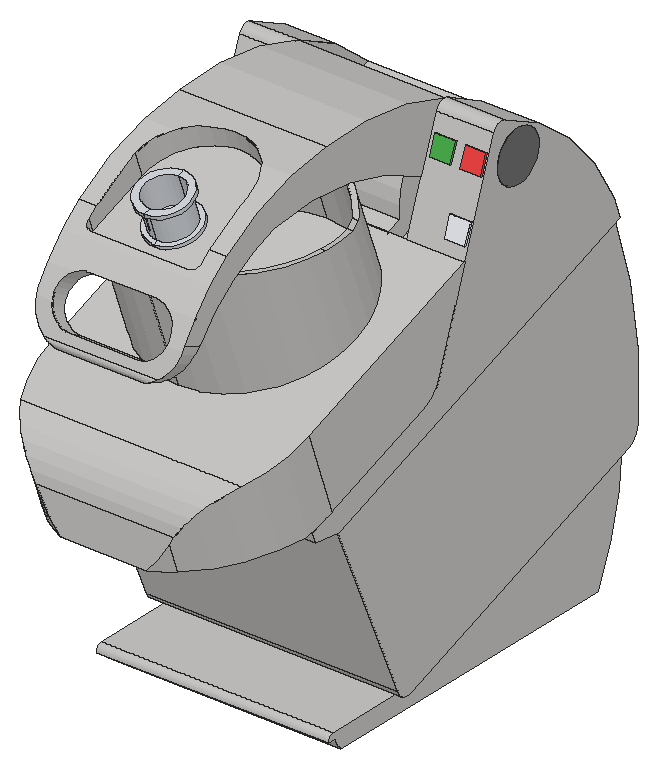
Revit family "QF_DITOSAMA_600417_DTRSY1V50A", category Specialty Equipment, Revit 2018
Family settings
  Round Connector Dimension = Use Diameter
  Part Type = Normal
  Work Plane-Based = No
  Always vertical = Yes
  Cut with Voids When Loaded = No
  Shared = No
  Room Calculation Point = No
Parameters (values of type "Standard")
  Weight = 21.40 kg
  Watts = 0 W
  Volts = 220 V
  URL Manufacturer = "http://www.ditosama.com"
  URL = "http://www.ditosama.com"
  Steam Supply Size = 0 mm
  Steam Supply Minimum Pressure = 0.0 Pa
  Steam Supply Maximum Pressure = 0.0 Pa
  Steam Pounds per Hour = 0
  Refrigeration Suction Line Size = 0 mm
  Refrigeration Liquid Line Size = 0 mm
  Refrigerant Compressor Remote = yes
  Manufacturer = "Dito Sama"
  Phase = 1
  Model = "DTRSY1V50A"
  Length Actual = 252 mm  # constant formula
  Item Number = "600417"
  Hot Water Size = 0 mm
  Height Actual = 515 mm  # constant formula
  HP = "0.7 HP"
  Gas Size = 0 mm
  Gas KW = 0
  Gas Input Pressure = 0 W
  Direct Waste Size = 0 mm
  Description = "VEGETABLE SLICER-1 SPEED-500W-220-240/1/50-AUSTRALIA"
  Depth Actual = 500 mm  # constant formula
  Cycle = 50 Hz
  Condensate Return Size = 0 mm
  Compressed Air Volume = 0.0 L/s
  Compressed Air Size = 0 mm
  Compressed Air Pressure = 0.0 Pa
  Cold Water Size = 0 mm
  Accessory = yes
Reference planes
  plane 1 "Center (Front/Back)": y = 0
  plane 2: z = 0
  plane 3 "Center (Left/Right)": x = 0
  plane 4 "BASE": through (-1506.947, -1354.442, -482.669) normal (0, -0.342, 0.9397)
  plane 5 "TOP": z = 780
  plane 6 "FRONT": y = -250
  plane 7 "BACK": y = 250
  plane 8 "LEFT": x = -126
  plane 9 "RIGHT": x = 126
  plane 10 "BaseSup": through (4267.2, -355.454, 143.983) normal (0, -0.342, 0.9397)
  plane 11 "TopCylinder": z = 502
  plane 12 "panel": through (4267.2, 37.396, 376.789) normal (0, -0.9397, 0.342)
  plane 13 "TAN1": through (4267.2, -242.8, 386.84) normal (0, -0.868, 0.4965)
  plane 14 "cx": x = -4.392
Forms (mm)
  Extrusion 1, solid, material "QF_Finishes_Stainless Steel"
    sketch origin (0, 71.755, 29.173) x (0, 0.939693, 0.34202) y (0, -0.34202, 0.939693)
      loop
        line (194.125, 30) -> (-100, 30) -> (-172.671, 56.45)
        arc (-172.671, 56.45) -> (-177.706, 56.23) -> (-181.11, 52.515) r 6.584
        line (-181.11, 52.515) -> (-172.825, 49.499)
        arc (-172.825, 49.499) -> (-173.282, 42.917) -> (-170.601, 36.887) r 13.662
        line (-170.601, 36.887) -> (125.402, -70.849)
        arc (125.402, -70.849) -> (140.415, -55.659) -> (154.125, -39.282) r 258.806
        arc (154.125, -39.282) -> (176.416, -5.964) -> (194.125, 30) r 303.676
    from -114.1 to 114.1
  Extrusion 2, solid, material "QF_Finishes_Stainless Steel"
    sketch origin (0, 71.755, 29.173) x (0, 0.939693, 0.34202) y (0, -0.34202, 0.939693)
      loop
        arc (-117.754, 231.836) -> (-115.421, 136.806) -> (-106.378, 42.177) r 1344.145
        arc (-106.378, 42.177) -> (-102.811, 33.567) -> (-94.2, 30) r 12.177
        line (-94.2, 30) -> (191.415, 30)
        arc (191.415, 30) -> (200.799, 34.052) -> (207.001, 42.177) r 20.212
        arc (207.001, 42.177) -> (237.263, 134.79) -> (245.906, 231.836) r 430.148
        line (245.906, 231.836) -> (-117.754, 231.836)
    from -123.6 to 123.2
  Extrusion 3, solid, material "QF_Finishes_Stainless Steel"
    sketch origin (0, 71.755, 29.173) x (0, 0.939693, 0.34202) y (0, -0.34202, 0.939693)
      loop
        line (-117.754, 231.836) -> (250, 231.836) -> (250, 254)
        arc (250, 254) -> (225.127, 344.7) -> (167.861, 419.303) r 244.524
        arc (167.861, 419.303) -> (160.498, 421.774) -> (153.587, 418.23) r 10
        line (153.587, 418.23) -> (25.432, 265.5)
        arc (25.432, 265.5) -> (14.376, 257.016) -> (0.77, 254) r 32.194
        line (0.77, 254) -> (-142.678, 254) -> (-142.678, 244) -> (-117.754, 231.836)
    from -125 to 125
  Extrusion 4, void
    sketch origin (0, 71.755, 29.173) x (0, 0.939693, 0.34202) y (0, -0.34202, 0.939693)
      loop
        line (146.605, 338.403) -> (228.145, 338.403)
        arc (228.145, 338.403) -> (202.221, 381.996) -> (167.861, 419.303) r 244.524
        arc (167.861, 419.303) -> (160.498, 421.774) -> (153.587, 418.23) r 10
        line (153.587, 418.23) -> (72.34, 321.403) -> (146.605, 321.403) -> (146.605, 338.403)
    from -76.755 to 68.071
  Extrusion 5, solid, material "QF_Finishes_Stainless Steel"
    sketch origin (0, 71.755, 29.173) x (0, 0.939693, 0.34202) y (0, -0.34202, 0.939693)
      loop
        line (86.605, 338.403) -> (69.605, 321.403) -> (146.605, 321.403) -> (146.605, 338.403) -> (138.179, 338.403) -> (138.179, 369.367)
        arc (138.179, 369.367) -> (147.784, 373.474) -> (158.149, 372.174) r 19.987
        arc (158.149, 372.174) -> (156.791, 382.001) -> (162.888, 389.826) r 12.748
        arc (162.888, 389.826) -> (123.302, 374.774) -> (101.605, 338.403) r 64.447
        line (101.605, 338.403) -> (86.605, 338.403)
    from -65 to 50
  Extrusion 6, solid, material "QF_Finishes_Stainless Steel"
    sketch origin (539, 71.755, 29.173) x (0, -0.939693, -0.34202) y (0, -0.34202, 0.939693)
      loop
        circle (-169.102, 378.696) r 12.748
    from 489 to 604
  Extrusion 7, solid, material "QF_Finishes_Rubber Black"
    sketch origin (0, 71.755, 29.173) x (0, 0.939693, 0.34202) y (0, -0.34202, 0.939693)
      loop
        circle (169.102, 378.696) r 25
    from 125 to 126.6
  Extrusion 8, solid, material "QF_Finishes_Green"
    sketch origin (-10, -113.728, -38.42) x (0, -0.34202, -0.939693) y (1, 0, 0)
      loop
        line (-529.862, 82.865) -> (-509.862, 82.865) -> (-509.862, 102.865) -> (-529.862, 102.865) -> (-529.862, 82.865)
    from 0 to 1.6
  Extrusion 9, solid, material "QF_Finishes_Red"
    sketch origin (20, -113.728, -38.42) x (0, -0.34202, -0.939693) y (1, 0, 0)
      loop
        line (-529.862, 82.865) -> (-509.862, 82.865) -> (-509.862, 102.865) -> (-529.862, 102.865) -> (-529.862, 82.865)
    from 0 to 1.6
  Extrusion 10, solid, material "QF_Finishes_White"
    sketch origin (19.976, -149.421, -75.636) x (0, -0.34202, -0.939693) y (1, 0, 0)
      loop
        line (-521.192, 82.865) -> (-501.192, 82.865) -> (-501.192, 102.865) -> (-521.192, 102.865) -> (-521.192, 82.865)
    from 0 to 1.6
  Extrusion 11, solid, material "QF_Finishes_Rubber Black"
    sketch origin (-20, -306.935, 99.376) x (0, -1, 0) y (1, 0, 0)
      loop
        circle (-230.144, 103.748) r 10
      loop
        circle (-230.144, -61.252) r 10
    from 9.274 to 3.787
  Extrusion 12, void
    sketch origin (-20.94, 306.731, 139.428) x (-1, 0, 0) y (0, -0.34202, 0.939693)
      loop
        circle (-20.94, 196.093) r 10
    from -1.916 to -26.433
  Extrusion 13, solid, material "QF_Finishes_Stainless Steel"
    sketch origin (-20.94, 306.678, 139.573) x (-1, 0, 0) y (0, -0.34202, 0.939693)
      loop
        circle (-20.94, 195.939) r 9.999
    from -8.514 to -26.433
  Extrusion 14, solid, material "QF_Finishes_Stainless Steel"
    sketch origin (0, -15.119, 267.855) x (0, -0.939693, -0.34202) y (1, 0, 0)
      loop
        line (-86.605, -125) -> (117.754, -125)
        arc (117.754, -125) -> (182.577, -108.838) -> (232.224, -64.135) r 138.076
        arc (232.224, -64.135) -> (246.337, -33.516) -> (250, 0) r 104.824
        arc (250, 0) -> (246.337, 33.516) -> (232.224, 64.135) r 104.824
        arc (232.224, 64.135) -> (182.577, 108.838) -> (117.754, 125) r 138.076
        line (117.754, 125) -> (-86.605, 125) -> (-86.605, -125)
    from 0 to 84.403
  Extrusion 15, void
    sketch origin (0, 71.755, 29.173) x (0, 0.939693, 0.34202) y (0, -0.34202, 0.939693)
      loop
        line (-148.177, 254) -> (-243.49, 272.527) -> (-229.509, 307.133)
        arc (-229.509, 307.133) -> (-211.109, 329.855) -> (-183.149, 338.403) r 50
        line (-183.149, 338.403) -> (-263.395, 338.403) -> (-263.395, 254) -> (-148.177, 254)
      loop
        line (86.605, 338.403) -> (25.432, 265.5)
        arc (25.432, 265.5) -> (14.376, 257.016) -> (0.77, 254) r 32.194
        line (0.77, 254) -> (86.605, 254) -> (86.605, 338.403)
    from -156.555 to 144.79
  Extrusion 16, solid, material "QF_Finishes_Rubber Black"
    sketch origin (-20, -28.598, 99.376) x (0, -1, 0) y (1, 0, 0)
      loop
        circle (-230.144, 103.748) r 10
      loop
        circle (-230.144, -61.252) r 10
    from 9.274 to 3.787
  Extrusion 17, solid, material "QF_Finishes_Stainless Steel"
    sketch origin (0, 0, 0) x (0, 1, 0) y (0, 0, 1)
      loop
        arc (-237.987, 360.286) -> (-193.334, 422.101) -> (-125.907, 457.716) r 167.502
        arc (-125.907, 457.716) -> (-32.614, 457.202) -> (54.785, 424.565) r 266.494
        line (54.785, 424.565) -> (73.036, 474.711)
        arc (73.036, 474.711) -> (77.269, 479.853) -> (83.792, 481.198) r 10
        arc (83.792, 481.198) -> (12.917, 500.705) -> (-60.594, 500.999) r 278.64
        arc (-60.594, 500.999) -> (-125.023, 488.463) -> (-183.511, 458.675) r 236.13
        arc (-183.511, 458.675) -> (-222.818, 420.732) -> (-248.457, 372.49) r 174.407
        arc (-248.457, 372.49) -> (-249.83, 368.135) -> (-247.05, 364.513) r 4.945
        line (-247.05, 364.513) -> (-237.987, 360.286)
    from -76.755 to 68.071
  Extrusion 18, void
    sketch origin (0, -252.846, 369.279) x (0, -0.496521, -0.868025) y (1, 0, 0)
      loop
        line (-13.723, -36.755) -> (-13.723, 28.071)
        arc (-13.723, 28.071) -> (-38.723, 53.071) -> (-63.723, 28.071) r 25
        line (-63.723, 28.071) -> (-63.723, -36.755)
        arc (-63.723, -36.755) -> (-38.723, -61.755) -> (-13.723, -36.755) r 25
    from -148.493 to 7.125
  Extrusion 19, void
    sketch origin (0, -88.076, 32.057) x (0, -0.34202, -0.939693) y (1, 0, 0)
      loop
        line (-257.162, 68.071) -> (-297.162, 68.071)
        arc (-297.162, 68.071) -> (-268.878, 56.356) -> (-257.162, 28.071) r 40
        line (-257.162, 28.071) -> (-257.162, 68.071)
      loop
        line (-257.162, -76.755) -> (-257.162, -36.755)
        arc (-257.162, -36.755) -> (-268.878, -65.039) -> (-297.162, -76.755) r 40
        line (-297.162, -76.755) -> (-257.162, -76.755)
    from 233.374 to 280.473
  Extrusion 20, void
    sketch origin (0, -73.76, 246.511) x (0, -0.939693, -0.34202) y (1, 0, 0)
      loop
        spline (50.415, 43.499) -> (50.302, 44.538) -> (50.07, 45.551) -> (49.722, 46.523) -> (49.265, 47.436) -> (48.705, 48.278) -> (48.053, 49.034) -> (47.317, 49.692) -> (46.511, 50.241) -> (45.647, 50.674) -> (44.738, 50.981) -> (43.801, 51.16) -> (42.848, 51.221)
        line (42.848, 51.221) -> (-21.826, 51.221)
        arc (-21.826, 51.221) -> (-77.476, -4.429) -> (-21.826, -60.078) r 55.65
        line (-21.826, -60.078) -> (42.849, -60.064)
        spline (42.849, -60.064) -> (43.796, -60.017) -> (44.73, -59.836) -> (45.637, -59.525) -> (46.5, -59.088) -> (47.306, -58.532) -> (48.042, -57.867) -> (48.695, -57.103) -> (49.256, -56.253) -> (49.715, -55.331) -> (50.065, -54.351) -> (50.3, -53.329) -> (50.415, -52.283)
        line (50.415, -52.283) -> (50.415, 43.499)
    from 219.928 to 259.975
  Extrusion 21, void
    sketch origin (0, -87.856, 241.381) x (0, -0.939693, -0.34202) y (1, 0, 0)
      loop
        circle (-4.976, -4.429) r 22.5
    from 184.171 to 259.975
  Extrusion 22, solid, material "QF_Finishes_Stainless Steel"
    sketch origin (0, -57.13, 252.564) x (0, -0.939693, -0.34202) y (1, 0, 0)
      loop
        circle (-27.476, -4.429) r 100
      loop
        circle (-27.476, -4.429) r 95
    from 84.403 to 219.928
  Extrusion 23, void
    sketch origin (539, 0, 0) x (0, -1, 0) y (0, 0, 1)
      loop
        line (-7.229, 448.453) -> (38.883, 431.669) -> (53.883, 431.669) -> (97.232, 435.738) -> (172.232, 435.738) -> (200.5, 434.424) -> (12.562, 502.828) -> (-7.229, 448.453)
    from 424.9 to 664
  Revolve 24, solid
    sketch origin (-4.392, 0, 0) x (0, 1, 0) y (0, 0, 1)
      loop
        line (-159.523, 452.833) -> (-177.266, 446.376) -> (-188.766, 477.973) -> (-195.199, 475.631) -> (-193.959, 472.225) -> (-189.261, 473.935) -> (-179, 445.744) -> (-183.698, 444.034) -> (-182.575, 440.948) -> (-179.543, 442.052) -> (-133.191, 314.7) -> (-112.048, 322.396) -> (-159.523, 452.833)
      axis (-112.048, 322.396) -> (-171.023, 484.431)
    angle from 0 to 360
  Extrusion 25, solid, material "QF_Door-Drawer Clearances", detail levels coarse
    sketch origin (0, -259.129, 728.467) x (0, -0.462376, -0.886684) y (0, 0.886684, -0.462376)
      loop
        arc (-237.987, 360.286) -> (-193.334, 422.101) -> (-125.907, 457.716) r 167.502
        arc (-125.907, 457.716) -> (-32.614, 457.202) -> (54.785, 424.565) r 266.494
        line (54.785, 424.565) -> (59.562, 427.056)
        arc (59.562, 427.056) -> (59.025, 458.234) -> (62.46, 489.226) r 244.524
        arc (62.46, 489.226) -> (1.594, 502.023) -> (-60.594, 500.999) r 278.64
        arc (-60.594, 500.999) -> (-125.023, 488.463) -> (-183.511, 458.675) r 236.13
        arc (-183.511, 458.675) -> (-222.818, 420.732) -> (-248.457, 372.49) r 174.407
        arc (-248.457, 372.49) -> (-249.83, 368.135) -> (-247.05, 364.513) r 4.945
        line (-247.05, 364.513) -> (-237.987, 360.286)
    from -76.755 to 68.071
  Extrusion 26, solid, material "QF_Door-Drawer Clearances", detail levels coarse
    sketch origin (-4.392, 0, 0) x (0, 1, 0) y (0, 0, 1)
      loop
        arc (180.062, 780.324) -> (-149.234, 694.151) -> (-249.905, 368.994) r 350.321
        line (-249.905, 368.994) -> (-246.546, 377.767)
        arc (-246.546, 377.767) -> (-144.345, 691.9) -> (174.993, 776.44) r 345.321
        line (174.993, 776.44) -> (180.062, 780.324)
    from -60 to 60
Cuts and joins
  Extrusion 4, Extrusion 19, Extrusion 20, Extrusion 21 cuts Extrusion 3
  Extrusion 15, Extrusion 19, Extrusion 20, Extrusion 21 cuts Extrusion 14
  Extrusion 18, Extrusion 19, Extrusion 20, Extrusion 21 cuts Extrusion 17
  Extrusion 12, Extrusion 20, Extrusion 21 cuts Extrusion 2
  Extrusion 23 cuts Extrusion 22
Lines and regions (mm)
  model lines
    curve 1: line (-65, 80.335, 302.597) -> (50, 80.335, 302.597)
    curve 2: line (-65, 83.13, 303.615) -> (50, 83.13, 303.615)
Dimensions and locks
  plane 5 "TOP" to level = 780 mm
  plane 8 "LEFT" to plane 3 "Center (Left/Right)" to plane 9 "RIGHT" = 126 mm, 126 mm
  plane 7 "BACK" to plane 1 "Center (Front/Back)" to plane 6 "FRONT" = 250 mm, 250 mm
  plane 5 "TOP" to plane 2 = 780 mm
  plane 5 "TOP" to plane 11 "TopCylinder" = 278 mm
  plane 6 "FRONT" to plane 7 "BACK" = 500 mm
  plane 7 "BACK" to plane 6 "FRONT" = 500 mm
  plane 11 "TopCylinder" to level = 502 mm
  aligned and locked: level to plane 2
Connectors
  electrical at (0, 231.662, 320.783), driven by "Volts"
    settings: on Extrusion 13, index 1, voltage 220 V, apparent load 0 VA, apparent load phase1 0 VA, apparent load phase2 0 VA, apparent load phase3 0 VA, power factor 1, load classification "Other", number of poles 1, system type 30, power factor state 1, is connector primary yes, connector utility no, sub classification motor no, connector description "Electrical Connection"
